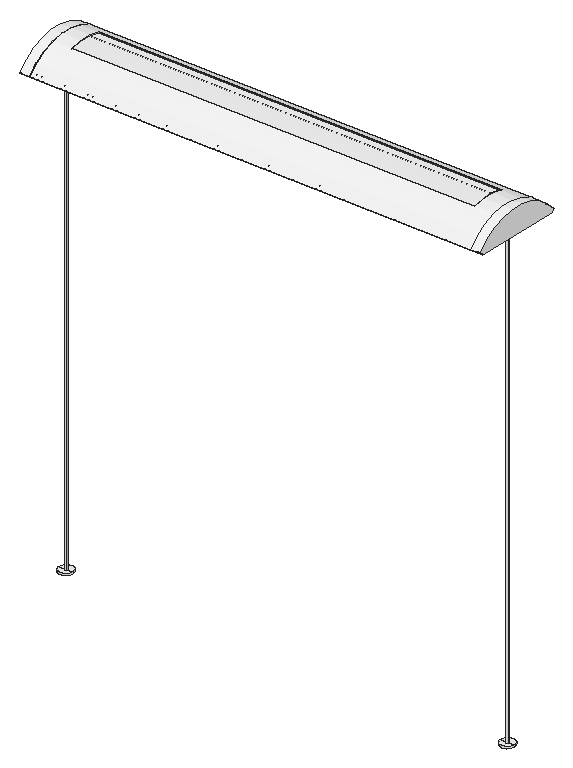
Revit family "CVRL-CM", category Lighting Fixtures, host Face, Revit 2013
Parameters (values of type "CVRL-4-2T5-OA-EPU")
  Watts = 62 W
  Wattage = 62 W
  built-in parameter 1150110 = 1 (stored number, unit not read)
  Voltage = 120 V
  built-in parameter 1114217 = 1 (stored number, unit not read)
  Tilt Angle = -90.00°  # constant formula
  built-in parameter 1150109 = 1 (stored number, unit not read)
  built-in parameter 1150134 = (empty or 0)
  Suspension Height = 48"
  Wattage Comments = ""
  URL = "https://www.hubbell.com/aleralighting/en/"
  built-in parameter 1150113 = 1 (stored number, unit not read)
  Product Page URL = "https://www.hubbell.com/aleralighting/en/Products/Lighting-Controls/Commercial-Indoor-Lighting/Pendant-Lighting/CVR-L/p/19962"
  Product Documentation Link = "https://hubbellcdn.com/specsheet/cvrl.pdf"
  Power Factor = 1
  Photometric Web Link = "https://www.hubbell.com/aleralighting/en/Products/Lighting-Controls/Commercial-Indoor-Lighting/Pendant-Lighting/CVR-L/p/19962"
  Photometric Web File = "CVRL-4-2T5-OA-EPU.ies"
  Photometric Notes = "More IES files download on Photometric Web Link"  # constant formula
  Model = "CVRL"  # constant formula
  Manufacturer = "Alera Lighting"  # constant formula
  Row Length = 48"
  built-in parameter 1150105 = 206.87 (stored number, unit not read)
  Lumens = 2599.66 lm
  built-in parameter 1150115 = 1 (stored number, unit not read)
  Load Classification = Lighting
  built-in parameter 1150137 = (empty or 0)
  built-in parameter 1150139 = (empty or 0)
  built-in parameter 1150112 = 1 (stored number, unit not read)
  built-in parameter 1150114 = 1 (stored number, unit not read)
  Lamp = "T5, T5HO, T8"  # constant formula
  Lamp Type = "Two T5 Lamps"
  built-in parameter 1150132 = (empty or 0)
  built-in parameter 1150102 = (empty or 0)
  built-in parameter 1150107 = 3500 (stored number, unit not read)
  built-in parameter 1150138 = (empty or 0)
  built-in parameter 1150106 = 2.0687 (stored number, unit not read)
  Glass = Hubbell - White Glass
  Emit from Rectangle Width = 7"  # constant formula
  Emit from Rectangle Length = Row Length - 2"  # 46"
  Emit Shape Visible in Rendering = no
  built-in parameter 1150104 = 3.8954 (stored number, unit not read)
  Dimming Lamp Color Temperature Shift = <None>
  Description = "A smooth curvature shape with a glowing center optics that span the radius of the luminaire housing is delivered with the Curv Radial Lens."  # constant formula
  Default Elevation = 48"
  Contact Us = "https://www.hubbell.com/aleralighting/en/contactUs"
  Color Filter = 16777215
  built-in parameter 1114218 = 1 (stored number, unit not read)
  Housing Material = Hubbell - White
  built-in parameter 1150133 = 10 (stored number, unit not read)
  Assembly Code = "D5020200"
  Apparent Load = Watts / Power Factor  # 62 VA
Types (6): name | Watts | Wattage | Photometric Web File | built-in parameter 1150105 | Lumens | Lamp Type | built-in parameter 1150106 | built-in parameter 1150104 | Apparent Load
  (no name) | 62 W | 62 W | "CVRL-4-2T5-OA-EPU.ies" | 206.87 (stored number, unit not read) | 2599.66 lm | "Two T5 Lamps" | 2.0687 (stored number, unit not read) | 3.8954 (stored number, unit not read) | 62 VA
  CVRL-4-2T8-OA-EPU | 29 W | 29 W | "CVRL-4-2T8-OA-EPU.ies" | 246.68 (stored number, unit not read) | 3099.81 lm | "Two T8 Lamps" | 2.4668 (stored number, unit not read) | 9.9304 (stored number, unit not read) | 29 VA
  CVRL-4-2T5-OA-EPU | 62 W | 62 W | "CVRL-4-2T5-OA-EPU.ies" | 206.87 (stored number, unit not read) | 2599.66 lm | "Two T5 Lamps" | 2.0687 (stored number, unit not read) | 3.8954 (stored number, unit not read) | 62 VA
  CVRL-3T8-EPU | 84 W | 84 W | "CVRL-3T8-EPU.ies" | 246.66 (stored number, unit not read) | 3099.6 lm | "Three T8 Lamps" | 2.4666 (stored number, unit not read) | 3.4281 (stored number, unit not read) | 84 VA
  CVRL-3T8-0/100-EPU | 79 W | 79 W | "CVRL-3T8-0 100-EPU 3 lamp with 100 downlight cover.ies" | 530.99 (stored number, unit not read) | 3099.96 lm | "Three T8 Lamps" | 5.3099 (stored number, unit not read) | 3.6455 (stored number, unit not read) | 79 VA
  CVRL-1T8-EPU | 29 W | 29 W | "CVRL-1T8-EPU.ies" | 559.3 (stored number, unit not read) | 3099.81 lm | "One T8 Lamp" | 5.593 (stored number, unit not read) | 9.9304 (stored number, unit not read) | 29 VA
Reference planes (in)
  plane 1 "Center (Front/Back)": y = 0.03999
  plane 2: z = 0
  plane 3 "Center (Left/Right)": x = 1.66944
  plane 4: x = -22.33056
  plane 5: x = 25.66944
  plane 6: z = 48
  plane 7: x = -21.33056
  plane 8: x = 24.66944
  plane 9: z = 48.5
Forms (in)
  Revolve 1, solid, material "Hubbell - White" <- "Housing Material"
    sketch origin (0, 0.03999, 0) x (1, 0, 0) y (0, 0, 1)
      loop
        line (-21.33056, 48) -> (-21.33056, 0) -> (-20.59744, 0) -> (-20.59744, 0.15062) -> (-21.20556, 0.15062) -> (-21.20556, 47.90062) -> (-20.98741, 47.90062) -> (-20.98741, 48) -> (-21.33056, 48)
      axis (-21.33056, 48) -> (-21.33056, 0)
    angle from 0 to 360
  Revolve 2, solid, material "Hubbell - White" <- "Housing Material"
    sketch origin (0, 0.03999, 0) x (1, 0, 0) y (0, 0, 1)
      loop
        line (24.66944, 48) -> (24.66944, 0) -> (25.40256, 0) -> (25.40256, 0.15062) -> (24.79444, 0.15062) -> (24.79444, 47.90062) -> (25.01259, 47.90062) -> (25.01259, 48) -> (24.66944, 48)
      axis (24.66944, 48) -> (24.66944, 0)
    angle from 0 to 360
Dimensions and locks (in)
  equal spacing: plane 5, plane 3 "Center (Left/Right)", plane 4
  "Suspension Height": plane 6 to level
  equal spacing: plane 8, plane 3 "Center (Left/Right)", plane 7
  locked: plane 7 to plane 4 at 1
  "Row Length": plane 5 to plane 4
  locked: plane 9 to plane 6 at 0.5
  aligned and locked: plane 2 to host face
  aligned and locked: level to host face
  aligned and locked: Revolve 1 sketch curve to plane 7
  aligned and locked: Revolve 1 sketch curve to plane 6
  aligned and locked: host face to Revolve 1 sketch curve
  aligned and locked: Revolve 1 sketch curve to Revolve 1 sketch curve
  aligned and locked: Revolve 2 sketch curve to Revolve 2 sketch curve
  aligned and locked: plane 8 to Revolve 2 sketch curve
  aligned and locked: plane 1 "Center (Front/Back)" to nested 1
  aligned and locked: plane 3 "Center (Left/Right)" to nested 1
  aligned and locked: plane 9 to imposter light
  aligned and locked: imposter light to plane 1 "Center (Front/Back)"
Automatic sketch dimensions
  host sketch curve to host sketch curve = 96"  (x2)
  Revolve 1 sketch curve to plane 6 = 0.09938"
  plane 7 to Revolve 1 sketch curve = 1/8"
  Revolve 1 sketch curve to Revolve 1 sketch curve = 0.21815"
  Revolve 1 sketch curve to Revolve 1 sketch curve = 0.60812"
  Revolve 1 sketch curve to level = 8"
  Revolve 1 sketch curve to Revolve 1 sketch curve = 0.15062"
  Revolve 1 sketch curve to Revolve 1 sketch curve = 2 1/2"
  Revolve 2 sketch curve to plane 6 = 0"
  Revolve 2 sketch curve to level = 0"
  Revolve 2 sketch curve to plane 6 = 0.09938"
  Revolve 2 sketch curve to plane 8 = 1/8"
  Revolve 2 sketch curve to Revolve 2 sketch curve = 0.21815"
  Revolve 2 sketch curve to plane 5 = 0.26688"
  Revolve 2 sketch curve to Revolve 2 sketch curve = 8"
  level to Revolve 2 sketch curve = 0.15062"
  Revolve 2 sketch curve to Revolve 2 sketch curve = 2 1/2"
Nested families (in)
  nested 1: "CVRL-Housing" at (3.71711, 0, 48), Opal Lens <- "Glass", Backbox <- "Housing Material", type "CVRL"
    with Opal Lens Hubbell - White Glass, Backbox Hubbell - White, Row Length 48"
Connectors (in)
  electrical at (-21.33056, 0.03999, 0.15062), driven by "Load Classification", driven by "Voltage", driven by "Apparent Load", driven by "Power Factor"
    settings: on Revolve 1, index 1, voltage 120 V, apparent load 62 VA, apparent load phase1 0 VA, apparent load phase2 0 VA, apparent load phase3 0 VA, power factor 1, load classification "Lighting", number of poles 1, system type 30, power factor state 1, is connector primary yes, connector utility no, sub classification motor no, connector description "Lighting Connector"
Definition of nested family "CVRL-Housing"
  Parameters (values of type "CVRL")
    Wattage Comments = ""
    URL = ""
    Row Length = 144"
    Model = ""
    Manufacturer Phone = ""
    Manufacturer Fax = ""
    Manufacturer = ""
    Lamp = ""
    Opal Lens [instance] = none
    Description = ""
    Default Elevation = 48"
    Backbox [instance] = none
  Reference planes (in)
    plane 1 "Center (Front/Back)": y = 0.03999
    plane 2: z = 0
    plane 3 "Center (Left/Right)": x = -2.04767
    plane 4: x = -74.04767
    plane 5: x = 69.95233
    plane 6: x = -73.04767
    plane 7: x = 68.95233
    plane 8: y = 4.78999
    plane 9: y = -4.71001
    plane 10: z = 2.5
    plane 11: z = 2.425
    plane 12: x = -71.04767
    plane 13: x = 66.95233
    plane 14: z = 1.375
  Forms (in)
    Extrusion 1, solid
      sketch origin (0, 0, 0.06357) x (1, 0, 0) y (0, 1, 0)
        loop
          line (-52.04767, 48) -> (-52.04767, -48) -> (47.95233, -48) -> (47.95233, 48) -> (-52.04767, 48)
      from -0.06357 to -6.06357
    Extrusion 2, solid, material <- "Backbox"
      sketch origin (-2.04767, 0, 0) x (0, 1, 0) y (0, 0, 1)
        loop
          line (4.53999, 0) -> (4.78999, 0.25)
          arc (4.78999, 0.25) -> (0.03999, 2.5) -> (-4.71001, 0.25) r 6.13889
          line (-4.71001, 0.25) -> (-4.46001, 0) -> (0.03999, 0) -> (4.53999, 0)
      from 71 to 72
    Extrusion 3, solid, material <- "Backbox"
      sketch origin (-2.04767, 0, 0) x (0, 1, 0) y (0, 0, 1)
        loop
          line (4.53999, 0) -> (4.78999, 0.25)
          arc (4.78999, 0.25) -> (0.03999, 2.5) -> (-4.71001, 0.25) r 6.13889
          line (-4.71001, 0.25) -> (-4.46001, 0) -> (4.53999, 0)
      from -72 to -71
    Extrusion 4, solid, material <- "Backbox"
      sketch origin (-2.04767, 0, 0) x (0, 1, 0) y (0, 0, 1)
        loop
          line (4.03999, 0) -> (4.28999, 0.25) -> (4.53999, 0) -> (4.78999, 0.25)
          arc (4.78999, 0.25) -> (0.03999, 2.5) -> (-4.71001, 0.25) r 6.13889
          line (-4.71001, 0.25) -> (-4.46001, 0) -> (-4.21001, 0.25) -> (-3.96001, 0) -> (-3.76063, 0) -> (-3.17626, 1.3125) -> (3.25625, 1.3125) -> (3.84061, 0) -> (4.03999, 0)
        loop
          arc (4.72145, 0.25328) -> (0.03999, 2.44922) -> (-4.64147, 0.25328) r 6.08811
          line (-4.64147, 0.25328) -> (-4.46001, 0.07182) -> (-4.21001, 0.32182) -> (-3.93897, 0.05078) -> (-3.79823, 0.05078) -> (-3.20865, 1.375) -> (3.28864, 1.375) -> (3.87822, 0.05078) -> (4.01896, 0.05078) -> (4.28999, 0.32182) -> (4.53999, 0.07182) -> (4.72145, 0.25328)
      from -71 to 71
    Extrusion 5, void
      sketch origin (-2.04767, 0, 0) x (0, 1, 0) y (0, 0, 1)
        loop
          arc (-1.71487, 2.15818) -> (0.03999, 2.41797) -> (1.79485, 2.15818) r 6.05686
          line (1.79485, 2.15818) -> (1.81869, 2.26931)
          arc (1.81869, 2.26931) -> (0.03999, 2.53125) -> (-1.73871, 2.26931) r 6.17014
          line (-1.73871, 2.26931) -> (-1.71487, 2.15818)
      from -69 to 69
    Extrusion 6, solid, material <- "Opal Lens"
      sketch origin (-2.04767, 0, 0) x (0, 1, 0) y (0, 0, 1)
        loop
          arc (-1.72145, 2.18884) -> (0.03999, 2.44922) -> (1.80143, 2.18884) r 6.08811
          line (1.80143, 2.18884) -> (1.81212, 2.23866)
          arc (1.81212, 2.23866) -> (0.03999, 2.5) -> (-1.73213, 2.23866) r 6.13889
          line (-1.73213, 2.23866) -> (-1.72145, 2.18884)
      from -69 to 69
    Extrusion 7, solid, material <- "Backbox"
      sketch origin (-2.04767, 0, 0) x (0, 1, 0) y (0, 0, 1)
        loop
          line (3.84061, 0) -> (3.25625, 1.3125) -> (2.03999, 1.3125) -> (2.03999, 0) -> (3.84061, 0)
        loop
          line (-3.76063, 0) -> (-1.96001, 0) -> (-1.96001, 1.3125) -> (-3.17626, 1.3125) -> (-3.76063, 0)
      from -71 to 71
  Cuts and joins
    Extrusion 5 cuts Extrusion 2
    Extrusion 5 cuts Extrusion 3
    Extrusion 5 cuts Extrusion 4
    joined: Extrusion 2, Extrusion 3, Extrusion 4
  Dimensions and locks (in)
    equal spacing: plane 5, plane 3 "Center (Left/Right)", plane 4
    plane 6 to plane 4 = 1"
    equal spacing: plane 8, plane 1 "Center (Front/Back)", plane 9
    locked: plane 8 to plane 9 at 9.5
    locked: plane 10 to Extrusion 1 at 2.5
    "Row Length": plane 5 to plane 4
    locked: plane 10 to plane 11 at 0.075
    equal spacing: plane 7, plane 3 "Center (Left/Right)", plane 6
    locked: plane 6 to plane 12 at 2
    Extrusion 1 sketch curve to plane 3 "Center (Left/Right)" to Extrusion 1 sketch curve = 50", 50"
    locked: Extrusion 4 sketch curve to Extrusion 4 sketch curve at 0.38383  (x2)
    locked: plane 13 to plane 7 at 2
    locked: plane 14 to Extrusion 1 at 1.375
    Extrusion 7 sketch curve to plane 1 "Center (Front/Back)" to Extrusion 7 sketch curve = 2" locked, 2" locked
    aligned and locked: plane 2 to Extrusion 1
    aligned and locked: level to Extrusion 1
    aligned and locked: plane 5 to Extrusion 2
    aligned and locked: Extrusion 2 to plane 7
    aligned and locked: Extrusion 3 to plane 4
    aligned and locked: plane 6 to Extrusion 3
    aligned and locked: Extrusion 4 to plane 6
    aligned and locked: plane 7 to Extrusion 4
    aligned and locked: Extrusion 1 to Extrusion 4 sketch curve
    aligned and locked: cut or joined group of Extrusion 2, Extrusion 3, Extrusion 4, Extrusion 5 to plane 12
    aligned and locked: plane 13 to cut or joined group of Extrusion 2, Extrusion 3, Extrusion 4, Extrusion 5
    aligned and locked: Extrusion 6 to plane 12
    aligned and locked: plane 13 to Extrusion 6
    aligned and locked: Extrusion 1 to Extrusion 2 sketch curve
    aligned and locked: Extrusion 3 sketch curve to Extrusion 1
    aligned and locked: Extrusion 4 sketch curve to plane 14
    aligned and locked: cut or joined group of Extrusion 2, Extrusion 3, Extrusion 4, Extrusion 5 to Extrusion 7 sketch curve  (x2)
    aligned and locked: Extrusion 7 sketch curve to cut or joined group of Extrusion 2, Extrusion 3, Extrusion 4, Extrusion 5  (x4)
    aligned and locked: Extrusion 7 to plane 6
    aligned and locked: plane 7 to Extrusion 7
    aligned and locked: Extrusion 6 sketch curve to cut or joined group of Extrusion 2, Extrusion 3, Extrusion 4, Extrusion 5  (x4)
  Automatic sketch dimensions
    Extrusion 1 sketch curve to Extrusion 1 sketch curve = 96"
    Extrusion 2 sketch curve to plane 1 "Center (Front/Back)" = 0"  (x2)
    Extrusion 2 sketch curve to plane 9 = 1/4"
    plane 8 to Extrusion 2 sketch curve = 1/4"
    plane 9 to Extrusion 2 sketch curve = 0"
    Extrusion 2 sketch curve to plane 8 = 0"
    Extrusion 2 sketch curve to level = 3.63889"
    level to Extrusion 2 sketch curve = 1/4"
    Extrusion 3 sketch curve to plane 9 = 0"
    Extrusion 3 sketch curve to plane 1 "Center (Front/Back)" = 0"
    Extrusion 3 sketch curve to plane 8 = 0"
    Extrusion 3 sketch curve to plane 9 = 1/4"
    plane 8 to Extrusion 3 sketch curve = 1/4"
    Extrusion 3 sketch curve to level = 3.63889"
    level to Extrusion 3 sketch curve = 1/4"
    Extrusion 4 sketch curve to Extrusion 4 sketch curve = 0"  (x6)
    Extrusion 4 sketch curve to plane 9 = 0"
    Extrusion 4 sketch curve to level = 0"  (x3)
    Extrusion 4 sketch curve to plane 1 "Center (Front/Back)" = 0"
    Extrusion 4 sketch curve to plane 8 = 0"
    Extrusion 4 sketch curve to plane 9 = 0.06854"
    level to Extrusion 4 sketch curve = 0.07182"  (x2)
    Extrusion 4 sketch curve to plane 9 = 1/4"
    Extrusion 4 sketch curve to Extrusion 4 sketch curve = 1/4"
    level to Extrusion 4 sketch curve = 1/4"
    Extrusion 4 sketch curve to Extrusion 4 sketch curve = 0.02103"  (x2)
    level to Extrusion 4 sketch curve = 13/256"  (x2)
    Extrusion 4 sketch curve to Extrusion 4 sketch curve = 0.14074"  (x2)
    Extrusion 4 sketch curve to Extrusion 4 sketch curve = 0.03761"  (x2)
    Extrusion 4 sketch curve to Extrusion 4 sketch curve = 0.58958"
    Extrusion 4 sketch curve to plane 14 = 1/16"
    Extrusion 4 sketch curve to Extrusion 4 sketch curve = 0.03239"  (x2)
    Extrusion 4 sketch curve to Extrusion 4 sketch curve = 0.69938"
    Extrusion 4 sketch curve to Extrusion 4 sketch curve = 0.62197"
    Extrusion 5 sketch curve to Extrusion 5 sketch curve = 0"  (x2)
    Extrusion 5 sketch curve to plane 1 "Center (Front/Back)" = 0"
    plane 1 "Center (Front/Back)" to Extrusion 5 sketch curve = 1.75486"
    Extrusion 5 sketch curve to Extrusion 5 sketch curve = 0.02384"  (x2)
    Extrusion 5 sketch curve to level = 3.63889"
    Extrusion 5 sketch curve to plane 11 = 0.26682"
    Extrusion 5 sketch curve to plane 1 "Center (Front/Back)" = 1.75486"
    Extrusion 5 sketch curve to Extrusion 5 sketch curve = 0.11113"
